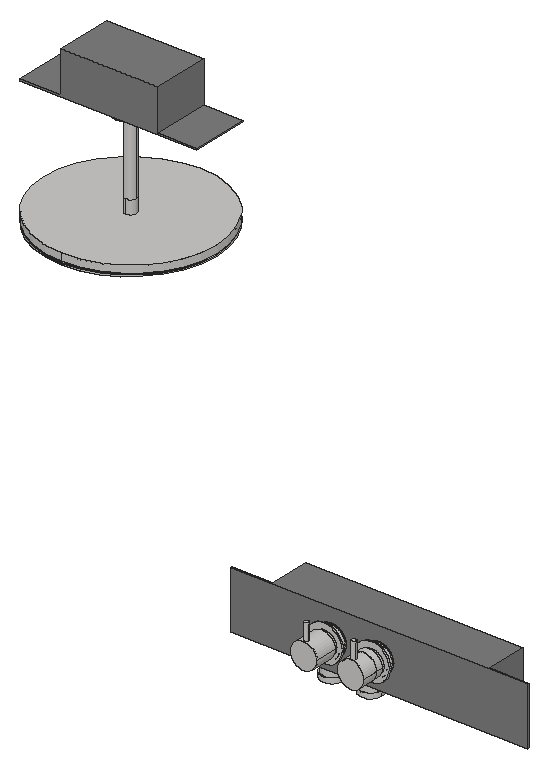
Revit family "5261A", category Plumbing Fixtures, Revit 2021
Family settings
  Round Connector Dimension = Use Diameter
  Part Type = Normal
  Work Plane-Based = No
  Always vertical = Yes
  Cut with Voids When Loaded = No
  Shared = No
  Room Calculation Point = No
Parameters
  e-mail = "info@vola.com"
  URL = "http://vola.com"
  Telephone = "+45 7023 5500"
  Shower Offset = 450.00 mm
  Shower Head Height = 2100.00 mm
  Quality management standard = "ISO 9001"
  Organisation no. / DUNS no. = "17531328"
  Occupational health and safety management standard = "ISO 18001"
  Mounting Instructions = "http://vola.com/service/producturl.ashx?name=5261A"
  Model = "5261A"
  Mixer Offset [instance] = 12.00 mm
  Mixer = yes
  Materials and components information = "http://vola.com/service/producturl.ashx?name=5261A"
  Manufacturer = "VOLA A/S"
  Maintenance Instructions = "http://vola.com/service/producturl.ashx?name=5261A"
  Handle Height = 1100.00 mm
  Guarantee = "2 years"
  Flow = "22,00 l/min"
  Environmental management standard = "ISO 14000"
  Default Elevation = 0.00 mm
  Connection - All relevant connections = "¾\" for water connection"
  Ceiling Mixer Offset = 12.00 mm
  Approvals = "http://vola.com/service/producturl.ashx?name=5261A"
Reference planes
  plane 1 "Center (Front/Back)": y = 0
  plane 2: z = 0
  plane 3 "Center (Left/Right)": x = 0
  plane 4 "Mixer plane": y = 12
  plane 5: z = 1100
  plane 6: z = 2100
  plane 7: y = -450
  plane 8 "Wall Surface": y = 0
Forms (mm)
  Extrusion 1, solid, material "Stainless Steel", visible <- "Mixer"
    sketch origin (14.11, 9.5, 1100) x (0, 0, -1) y (1, 0, 0)
      loop
        circle (0, 24.89) r 24.89
    from 0 to 9.5
  Extrusion 2, solid, material "Stainless Steel", visible <- "Mixer"
    sketch origin (-63.89, 9.5, 1100) x (0, 0, -1) y (1, 0, 0)
      loop
        circle (0, 24.89) r 24.89
    from 0 to 9.5
  Extrusion 3, solid, material "Stainless Steel", visible <- "Mixer"
    sketch origin (16.5, -450, 2111.5) x (-1, 0, 0) y (0, -1, 0)
      loop
        circle (16.5, 0) r 16.5
    from 0 to -11.5
Dimensions and locks
  "Mixer Offset": plane 4 "Mixer plane" to plane 1 "Center (Front/Back)"
  "Handle Height": plane 5 to level
  "Shower Head Height": plane 6 to level
  "Shower Offset": plane 1 "Center (Front/Back)" to plane 7
  aligned and locked: plane 2 to level
  aligned and locked: nested 4 to plane 4 "Mixer plane"
  aligned and locked: plane 1 "Center (Front/Back)" to Extrusion 1
  aligned and locked: plane 1 "Center (Front/Back)" to Extrusion 2
  aligned and locked: plane 5 to nested 4
  aligned and locked: nested 5 to plane 5
  aligned and locked: nested 3 to plane 5
  aligned and locked: plane 6 to nested 6
  aligned and locked: plane 7 to nested 6
  aligned and locked: plane 7 to nested 7
  aligned and locked: Extrusion 3 to plane 6
Automatic sketch dimensions
  radius of Extrusion 1 sketch curve to nested 4 = 0.00 mm
  radius of Extrusion 2 sketch curve to nested 4 = 0.00 mm
  radius of Extrusion 3 sketch curve to nested 7 = 0.00 mm
Nested families
  nested 1: "NR52" at (39, -2, 1100), built-in parameter 1001364 <- "Handle Height", type "NR52"
  nested 2: "NR51" at (-39, -2, 1100), built-in parameter 1001364 <- "Handle Height", type "NR51"
  nested 3: "2001" at (-39, 0, 1100) x (1, 0, 0) z (0, -1, 0), type "2001"
  nested 4: "5200V" at (0, 83.5, 1015), visible <- "Mixer", type "5200V"
  nested 5: "2001" at (39, 0, 1100) x (1, 0, 0) z (0, -1, 0), type "2001"
  nested 6: "060A" at (0, -450, 2100), type "060A"
  nested 7: "200M" at (0, -450, 2112), built-in parameter 1001364 <- "Ceiling Mixer Offset", visible <- "Mixer", type "200M"
Connectors
  piping at (-71, 54.5, 1015), diameter 37
    settings: on nested 4, index 1, connector inside diameter 1.45669", connector length 0.00 mm, flow factor 0, pipe flow 0 GPM, pressure drop 0.00 psi, fitting loss kfactor 0, connector angle 0.00°, fixture units 0, engagement length 0.00 mm, angle of deflection 0.00°, flow configuration 0, flow direction 1, fitting loss method 0, system type 19, joint type 0, gender type 0, connector reference index -1, connector utility 0, adjustable connector no, is connector primary yes, connector description ""
  piping at (-7, 54.5, 1015), diameter 37
    settings: on nested 4, index 2, connector inside diameter 1.45669", connector length 0.00 mm, flow factor 0, pipe flow 0 GPM, pressure drop 0.00 psi, fitting loss kfactor 0, connector angle 0.00°, fixture units 0, engagement length 0.00 mm, angle of deflection 0.00°, flow configuration 0, flow direction 1, fitting loss method 0, system type 20, joint type 0, gender type 0, connector reference index -1, connector utility 0, adjustable connector no, is connector primary no, connector description ""
Definition of nested family "NR52"
  Parameters
    e-mail = "info@vola.com"
    URL = "http://vola.com"
    Telephone = "+45 7023 5500"
    Quality management standard = "ISO 9001"
    Organisation no. / DUNS no. = "17531328"
    Occupational health and safety management standard = "ISO 18001"
    Mounting Instructions = "http://vola.com/service/producturl.ashx?name=NR52"
    Model = "NR52"
    Materials and components information = "http://vola.com/service/producturl.ashx?name=NR52"
    Manufacturer = "VOLA A/S"
    Maintenance Instructions = "http://vola.com/service/producturl.ashx?name=NR52"
    Guarantee = "2 years"
    Environmental management standard = "ISO 14000"
    Default Elevation = 0.00 mm
    Connection - All relevant connections = ""
    Approvals = "http://vola.com/service/producturl.ashx?name=NR52"
  Reference planes
    plane 1 "Center (Front/Back)": y = 0
    plane 2: z = 0
    plane 3 "Center (Left/Right)": x = 0
  Forms (mm)
    Extrusion 1, solid
      sketch origin (0, 0, 0) x (1, 0, 0) y (0, 0, 1)
        loop
          circle (0, 0) r 20
      from 0 to 5
    Extrusion 2, solid
      sketch origin (0, 0, 0) x (1, 0, 0) y (0, 0, 1)
        loop
          circle (0, 0) r 21.5
      from 17 to 42.5
    Extrusion 3, solid
      sketch origin (0, -2, 0) x (0, -1, 0) y (1, 0, 0)
        loop
          circle (34.5, 0) r 3.5
      from 0 to 47.5
    Extrusion 4, solid
      sketch origin (0, 10.75, -47.4) x (0, -1, 0) y (1, 0, 0)
        loop
          circle (34.5, 0) r 3.5
      from 22.5 to 47.4
    Extrusion 5, solid
      sketch origin (0, 11.93, 0) x (1, 0, 0) y (0, 0, 1)
        loop
          circle (0, 0) r 21.5
      from 16.93 to 28.93
  Cuts and joins
    joined: Extrusion 2, Extrusion 3, Extrusion 4
  Dimensions and locks
    aligned and locked: plane 2 to level
    aligned and locked: Extrusion 2 to Extrusion 5
    aligned and locked: Extrusion 1 to Extrusion 5
Definition of nested family "NR51"
  Parameters
    e-mail = "info@vola.com"
    URL = "http://vola.com"
    Telephone = "+45 7023 5500"
    Quality management standard = "ISO 9001"
    Organisation no. / DUNS no. = "17531328"
    Occupational health and safety management standard = "ISO 18001"
    Mounting Instructions = "http://vola.com/service/producturl.ashx?name=NR51"
    Model = "NR51"
    Materials and components information = "http://vola.com/service/producturl.ashx?name=NR51"
    Manufacturer = "VOLA A/S"
    Maintenance Instructions = "http://vola.com/service/producturl.ashx?name=NR51"
    Guarantee = "2 years"
    Environmental management standard = "ISO 14000"
    Default Elevation = 0.00 mm
    Connection - All relevant connections = ""
    Approvals = "http://vola.com/service/producturl.ashx?name=NR51"
  Reference planes
    plane 1 "Center (Front/Back)": y = 0
    plane 2: z = 0
    plane 3 "Center (Left/Right)": x = 0
  Forms (mm)
    Extrusion 1, solid
      sketch origin (0, 0, 0) x (1, 0, 0) y (0, 0, 1)
        loop
          circle (0, 0) r 21.5
      from 5 to 42.5
    Extrusion 2, solid
      sketch origin (0, -2, 0) x (0, -1, 0) y (1, 0, 0)
        loop
          circle (34.5, 0) r 3.5
      from 0 to 47.5
    Extrusion 3, solid
      sketch origin (0, 0, 0) x (1, 0, 0) y (0, 0, 1)
        loop
          circle (0, 0) r 20
      from 0 to 5
  Cuts and joins
    joined: Extrusion 1, Extrusion 2
  Dimensions and locks
    aligned and locked: plane 2 to level
Definition of nested family "2001"
  Parameters
    e-mail = "info@vola.com"
    URL = "http://vola.com"
    Telephone = "+45 7023 5500"
    Quality management standard = "ISO 9001"
    Organisation no. / DUNS no. = "17531328"
    Occupational health and safety management standard = "ISO 18001"
    Mounting Instructions = "http://vola.com/service/producturl.ashx?name=2001"
    Model = "2001"
    Materials and components information = "http://vola.com/service/producturl.ashx?name=2001"
    Manufacturer = "VOLA A/S"
    Maintenance Instructions = "http://vola.com/service/producturl.ashx?name=2001"
    Guarantee = "2 years"
    Environmental management standard = "ISO 14000"
    Default Elevation = 1219.20 mm
    Connection - All relevant connections = ""
    Approvals = "http://vola.com/service/producturl.ashx?name=2001"
  Reference planes
    plane 1 "Center (Front/Back)": y = 0
    plane 2: z = 0
    plane 3 "Center (Left/Right)": x = 0
  Forms (mm)
    Extrusion 1, solid
      sketch origin (0, 0, 0) x (1, 0, 0) y (0, 1, 0)
        loop
          circle (0, 0) r 19.5
        loop
          circle (0, 0) r 30
      from 0 to 2
  Dimensions and locks
    aligned and locked: plane 2 to level
Definition of nested family "5200V"
  Parameters
    e-mail = "info@vola.com"
    URL = "http://vola.com"
    Telephone = "+45 7023 5500"
    Quality management standard = "ISO 9001"
    Organisation no. / DUNS no. = "17531328"
    Occupational health and safety management standard = "ISO 18001"
    Mounting Instructions = "http://vola.com/service/producturl.ashx?name=5200V"
    Model = "5200V"
    Materials and components information = "http://vola.com/service/producturl.ashx?name=5200V"
    Manufacturer = "VOLA A/S"
    Maintenance Instructions = "http://vola.com/service/producturl.ashx?name=5200V"
    Guarantee = "2 years"
    Flow = "45,00 l/min"
    Environmental management standard = "ISO 14000"
    Default Elevation = 0.00 mm
    Connection - All relevant connections = ""
    Approvals = "http://vola.com/service/producturl.ashx?name=5200V"
  Reference planes
    plane 1 "Center (Front/Back)": y = 0
    plane 2: z = 0
    plane 3 "Center (Left/Right)": x = 0
    plane 4 "Inlet Center Plane": y = -29
    plane 5: z = 85
  Forms (mm)
    Extrusion 1, solid
      sketch origin (10, 0, 16) x (1, 0, 0) y (0, 1, 0)
        loop
          line (-147.5, 0) -> (-147.5, -69) -> (210.5, -69) -> (210.5, 0) -> (-147.5, 0)
      from 21.5 to 116.5
    Extrusion 2, solid
      sketch origin (10, -1, 16) x (1, 0, 0) y (0, 1, 0)
        loop
          line (-215, -68) -> (-215, -70.5) -> (275.5, -70.5) -> (275.5, -68) -> (-215, -68)
      from 21.5 to 116.5
    Extrusion 3, solid
      sketch origin (-59, -4, 37.5) x (0, 1, 0) y (1, 0, 0)
        loop
          circle (-25, -12) r 16.5
      from 0 to 29.77
    Extrusion 4, solid
      sketch origin (5, -4, 37.5) x (0, 1, 0) y (1, 0, 0)
        loop
          circle (-25, -12) r 16.5
      from 0 to 29.77
    Extrusion 5, solid
      sketch origin (-51.5, -71.5, 16) x (-1, 0, 0) y (0, 0, -1)
        loop
          circle (-12.5, -69) r 24.89
      from 0 to 2.5
    Extrusion 6, solid
      sketch origin (26.5, -71.5, 16) x (-1, 0, 0) y (0, 0, -1)
        loop
          circle (-12.5, -69) r 24.89
      from 0 to 2.5
    Extrusion 7, solid
      sketch origin (-59, -4, 7.73) x (-1, 0, 0) y (0, 1, 0)
        loop
          circle (12, -25) r 18.5
      from 0 to 7.73
    Extrusion 8, solid
      sketch origin (5, -4, 7.73) x (-1, 0, 0) y (0, 1, 0)
        loop
          circle (12, -25) r 18.5
      from 0 to 7.73
  Cuts and joins
    joined: Extrusion 1, Extrusion 2
  Lines and regions (mm)
    reference lines
      curve 1: line (39, -29, 85) -> (39, -121.5, 85)
      curve 2: line (-39, -29, 85) -> (-39, -121.5, 85)
      curve 3: line (-71, -29, 85) -> (-71, -29, -14)
      curve 4: line (-7, -29, 85) -> (-7, -29, -14)
  Dimensions and locks
    aligned and locked: plane 2 to level
    aligned and locked: Extrusion 1 to Extrusion 2
    aligned and locked: Extrusion 2 to Extrusion 1
Definition of nested family "060A"
  Parameters
    e-mail = "info@vola.com"
    URL = "http://vola.com"
    Telephone = "+45 7023 5500"
    Quality management standard = "ISO 9001"
    Organisation no. / DUNS no. = "17531328"
    Occupational health and safety management standard = "ISO 18001"
    Mounting Instructions = "http://vola.com/service/producturl.ashx?name=060A"
    Model = "060A"
    Materials and components information = "http://vola.com/service/producturl.ashx?name=060A"
    Manufacturer = "VOLA A/S"
    Maintenance Instructions = "http://vola.com/service/producturl.ashx?name=060A"
    Guarantee = "2 years"
    Flow = "22,00 l/min"
    Environmental management standard = "ISO 14000"
    Default Elevation = 0.00 mm
    Connection - All relevant connections = ""
    Approvals = "http://vola.com/service/producturl.ashx?name=060A"
  Reference planes
    plane 1 "Center (Front/Back)": y = 0
    plane 2: z = 0
    plane 3 "Center (Left/Right)": x = 0
  Forms (mm)
    Extrusion 1, solid
      sketch origin (0, 0, -9.5) x (0, 1, 0) y (1, 0, 0)
        loop
          circle (0, 0) r 9.5
      from 0 to 118.5
    Extrusion 2, solid
      sketch origin (-450, 0, -128) x (-1, 0, 0) y (0, 1, 0)
        loop
          circle (-450, 0) r 8.5
      from 0 to 0.2
    Extrusion 3, solid
      sketch origin (-450, 0, -128.2) x (0, -1, 0) y (-1, 0, 0)
        loop
          circle (0, -450) r 9.5
      from 0 to 21.8
    Extrusion 4, solid
      sketch origin (-450, 0, -150) x (1, 0, 0) y (0, -1, 0)
        loop
          circle (450, 0) r 143
      from 0 to 12
    Extrusion 5, solid
      sketch origin (-450, 0, -162) x (0, 1, 0) y (1, 0, 0)
        loop
          circle (0, 450) r 140
      from 0 to 3
    Extrusion 6, solid
      sketch origin (-450, 0, -165) x (-1, 0, 0) y (0, 1, 0)
        loop
          circle (-450, 0) r 143
      from 0 to 2
    Extrusion 7, solid
      sketch origin (0, 0, -2) x (1, 0, 0) y (0, 1, 0)
        loop
          circle (0, 0) r 18
      from 0 to -7.5
    Extrusion 8, solid
      sketch origin (0, 0, -2) x (1, 0, 0) y (0, 1, 0)
        loop
          circle (0, 0) r 30
      from 0 to 2
  Dimensions and locks
    aligned and locked: plane 2 to level
  Nested families
    nested 1: "Shower Detail Lines" at (0, 0, -167) x (0, 1, 0) z (0, 0, 1), type "Shower Detail Lines"
  Definition of nested family "Shower Detail Lines"
    Parameters
      Default Elevation = 1219.20 mm
    Reference planes
      plane 1 "Center (Front/Back)": y = 0
      plane 2: z = 0
      plane 3 "Center (Left/Right)": x = 0
    Lines and regions (mm)
      model lines
        curve 1: line (-2, -24, 0) -> (2, -24, 0)
        curve 2: line (-2, -130, 0) -> (-2, -24, 0)
        curve 3: line (2, -130, 0) -> (-2, -130, 0)
        curve 4: line (2, -24, 0) -> (2, -130, 0)
        curve 5: circle (0, -27.479, 0) r 1.5 normal (0, 0, 1)
        curve 6: circle (0, -27.479, 0) r 0.5 normal (0, 0, 1)
        curve 7: circle (0, -36.479, 0) r 1.5 normal (0, 0, 1)
        curve 8: circle (0, -36.479, 0) r 0.5 normal (0, 0, 1)
        curve 9: circle (0, -45.479, 0) r 1.5 normal (0, 0, 1)
        curve 10: circle (0, -45.479, 0) r 0.5 normal (0, 0, 1)
        curve 11: circle (0, -54.479, 0) r 1.5 normal (0, 0, 1)
        curve 12: circle (0, -54.479, 0) r 0.5 normal (0, 0, 1)
        curve 13: circle (0, -63.479, 0) r 1.5 normal (0, 0, 1)
        curve 14: circle (0, -63.479, 0) r 0.5 normal (0, 0, 1)
        curve 15: circle (0, -72.479, 0) r 1.5 normal (0, 0, 1)
        curve 16: circle (0, -72.479, 0) r 0.5 normal (0, 0, 1)
        curve 17: circle (0, -81.479, 0) r 1.5 normal (0, 0, 1)
        curve 18: circle (0, -81.479, 0) r 0.5 normal (0, 0, 1)
        curve 19: circle (0, -90.479, 0) r 1.5 normal (0, 0, 1)
        curve 20: circle (0, -90.479, 0) r 0.5 normal (0, 0, 1)
        curve 21: circle (0, -99.479, 0) r 1.5 normal (0, 0, 1)
        curve 22: circle (0, -99.479, 0) r 0.5 normal (0, 0, 1)
        curve 23: circle (0, -108.479, 0) r 1.5 normal (0, 0, 1)
        curve 24: circle (0, -108.479, 0) r 0.5 normal (0, 0, 1)
        curve 25: circle (0, -117.479, 0) r 1.5 normal (0, 0, 1)
        curve 26: circle (0, -117.479, 0) r 0.5 normal (0, 0, 1)
        curve 27: circle (0, -126.479, 0) r 1.5 normal (0, 0, 1)
        curve 28: circle (0, -126.479, 0) r 0.5 normal (0, 0, 1)
        curve 29: line (6.329, -23.237, 0) -> (10.088, -21.869, 0)
        curve 30: line (42.583, -122.844, 0) -> (6.329, -23.237, 0)
        curve 31: line (46.342, -121.476, 0) -> (42.583, -122.844, 0)
        curve 32: line (10.088, -21.869, 0) -> (46.342, -121.476, 0)
        curve 33: circle (9.398, -25.822, 0) r 1.5 normal (0, 0, 1)
        curve 34: circle (9.398, -25.822, 0) r 0.5 normal (0, 0, 1)
        curve 35: circle (12.477, -34.279, 0) r 1.5 normal (0, 0, 1)
        curve 36: circle (12.477, -34.279, 0) r 0.5 normal (0, 0, 1)
        curve 37: circle (15.555, -42.736, 0) r 1.5 normal (0, 0, 1)
        curve 38: circle (15.555, -42.736, 0) r 0.5 normal (0, 0, 1)
        curve 39: circle (18.633, -51.193, 0) r 1.5 normal (0, 0, 1)
        curve 40: circle (18.633, -51.193, 0) r 0.5 normal (0, 0, 1)
        curve 41: circle (21.711, -59.651, 0) r 1.5 normal (0, 0, 1)
        curve 42: circle (21.711, -59.651, 0) r 0.5 normal (0, 0, 1)
        curve 43: circle (24.789, -68.108, 0) r 1.5 normal (0, 0, 1)
        curve 44: circle (24.789, -68.108, 0) r 0.5 normal (0, 0, 1)
        curve 45: circle (27.867, -76.565, 0) r 1.5 normal (0, 0, 1)
        curve 46: circle (27.867, -76.565, 0) r 0.5 normal (0, 0, 1)
        curve 47: circle (30.946, -85.022, 0) r 1.5 normal (0, 0, 1)
        curve 48: circle (30.946, -85.022, 0) r 0.5 normal (0, 0, 1)
        curve 49: circle (34.024, -93.48, 0) r 1.5 normal (0, 0, 1)
        curve 50: circle (34.024, -93.48, 0) r 0.5 normal (0, 0, 1)
        curve 51: circle (37.102, -101.937, 0) r 1.5 normal (0, 0, 1)
        curve 52: circle (37.102, -101.937, 0) r 0.5 normal (0, 0, 1)
        curve 53: circle (40.18, -110.394, 0) r 1.5 normal (0, 0, 1)
        curve 54: circle (40.18, -110.394, 0) r 0.5 normal (0, 0, 1)
        curve 55: circle (43.258, -118.851, 0) r 1.5 normal (0, 0, 1)
        curve 56: circle (43.258, -118.851, 0) r 0.5 normal (0, 0, 1)
        curve 57: line (13.895, -19.671, 0) -> (16.959, -17.099, 0)
        curve 58: line (82.03, -100.871, 0) -> (13.895, -19.671, 0)
        curve 59: line (85.094, -98.3, 0) -> (82.03, -100.871, 0)
        curve 60: line (16.959, -17.099, 0) -> (85.094, -98.3, 0)
        curve 61: circle (17.663, -21.05, 0) r 1.5 normal (0, 0, 1)
        curve 62: circle (17.663, -21.05, 0) r 0.5 normal (0, 0, 1)
        curve 63: circle (23.448, -27.944, 0) r 1.5 normal (0, 0, 1)
        curve 64: circle (23.448, -27.944, 0) r 0.5 normal (0, 0, 1)
        curve 65: circle (29.233, -34.839, 0) r 1.5 normal (0, 0, 1)
        curve 66: circle (29.233, -34.839, 0) r 0.5 normal (0, 0, 1)
        curve 67: circle (35.018, -41.733, 0) r 1.5 normal (0, 0, 1)
        curve 68: circle (35.018, -41.733, 0) r 0.5 normal (0, 0, 1)
        curve 69: circle (40.803, -48.628, 0) r 1.5 normal (0, 0, 1)
        curve 70: circle (40.803, -48.628, 0) r 0.5 normal (0, 0, 1)
        curve 71: circle (46.589, -55.522, 0) r 1.5 normal (0, 0, 1)
        curve 72: circle (46.589, -55.522, 0) r 0.5 normal (0, 0, 1)
        curve 73: circle (52.374, -62.416, 0) r 1.5 normal (0, 0, 1)
        curve 74: circle (52.374, -62.416, 0) r 0.5 normal (0, 0, 1)
        curve 75: circle (58.159, -69.311, 0) r 1.5 normal (0, 0, 1)
        curve 76: circle (58.159, -69.311, 0) r 0.5 normal (0, 0, 1)
        curve 77: circle (63.944, -76.205, 0) r 1.5 normal (0, 0, 1)
        curve 78: circle (63.944, -76.205, 0) r 0.5 normal (0, 0, 1)
        curve 79: circle (69.729, -83.1, 0) r 1.5 normal (0, 0, 1)
        curve 80: circle (69.729, -83.1, 0) r 0.5 normal (0, 0, 1)
        curve 81: circle (75.514, -89.994, 0) r 1.5 normal (0, 0, 1)
        curve 82: circle (75.514, -89.994, 0) r 0.5 normal (0, 0, 1)
        curve 83: circle (81.299, -96.888, 0) r 1.5 normal (0, 0, 1)
        curve 84: circle (81.299, -96.888, 0) r 0.5 normal (0, 0, 1)
        curve 85: line (19.785, -13.732, 0) -> (21.785, -10.268, 0)
        curve 86: line (111.583, -66.732, 0) -> (19.785, -13.732, 0)
        curve 87: line (113.583, -63.268, 0) -> (111.583, -66.732, 0)
        curve 88: line (21.785, -10.268, 0) -> (113.583, -63.268, 0)
        curve 89: circle (23.797, -13.739, 0) r 1.5 normal (0, 0, 1)
        curve 90: circle (23.797, -13.739, 0) r 0.5 normal (0, 0, 1)
        curve 91: circle (31.592, -18.239, 0) r 1.5 normal (0, 0, 1)
        curve 92: circle (31.592, -18.239, 0) r 0.5 normal (0, 0, 1)
        curve 93: circle (39.386, -22.739, 0) r 1.5 normal (0, 0, 1)
        curve 94: circle (39.386, -22.739, 0) r 0.5 normal (0, 0, 1)
        curve 95: circle (47.18, -27.239, 0) r 1.5 normal (0, 0, 1)
        curve 96: circle (47.18, -27.239, 0) r 0.5 normal (0, 0, 1)
        curve 97: circle (54.974, -31.739, 0) r 1.5 normal (0, 0, 1)
        curve 98: circle (54.974, -31.739, 0) r 0.5 normal (0, 0, 1)
        curve 99: circle (62.769, -36.239, 0) r 1.5 normal (0, 0, 1)
        curve 100: circle (62.769, -36.239, 0) r 0.5 normal (0, 0, 1)
        curve 101: circle (70.563, -40.739, 0) r 1.5 normal (0, 0, 1)
        curve 102: circle (70.563, -40.739, 0) r 0.5 normal (0, 0, 1)
        curve 103: circle (78.357, -45.239, 0) r 1.5 normal (0, 0, 1)
        curve 104: circle (78.357, -45.239, 0) r 0.5 normal (0, 0, 1)
        curve 105: circle (86.151, -49.739, 0) r 1.5 normal (0, 0, 1)
        curve 106: circle (86.151, -49.739, 0) r 0.5 normal (0, 0, 1)
        curve 107: circle (93.945, -54.239, 0) r 1.5 normal (0, 0, 1)
        curve 108: circle (93.945, -54.239, 0) r 0.5 normal (0, 0, 1)
        curve 109: circle (101.74, -58.739, 0) r 1.5 normal (0, 0, 1)
        curve 110: circle (101.74, -58.739, 0) r 0.5 normal (0, 0, 1)
        curve 111: circle (109.534, -63.239, 0) r 1.5 normal (0, 0, 1)
        curve 112: circle (109.534, -63.239, 0) r 0.5 normal (0, 0, 1)
        curve 113: line (23.288, -6.137, 0) -> (23.983, -2.198, 0)
        curve 114: line (127.678, -24.544, 0) -> (23.288, -6.137, 0)
        curve 115: line (128.372, -20.605, 0) -> (127.678, -24.544, 0)
        curve 116: line (23.983, -2.198, 0) -> (128.372, -20.605, 0)
        curve 117: circle (27.061, -4.772, 0) r 1.5 normal (0, 0, 1)
        curve 118: circle (27.061, -4.772, 0) r 0.5 normal (0, 0, 1)
        curve 119: circle (35.925, -6.334, 0) r 1.5 normal (0, 0, 1)
        curve 120: circle (35.925, -6.334, 0) r 0.5 normal (0, 0, 1)
        curve 121: circle (44.788, -7.897, 0) r 1.5 normal (0, 0, 1)
        curve 122: circle (44.788, -7.897, 0) r 0.5 normal (0, 0, 1)
        curve 123: circle (53.651, -9.46, 0) r 1.5 normal (0, 0, 1)
        curve 124: circle (53.651, -9.46, 0) r 0.5 normal (0, 0, 1)
        curve 125: circle (62.514, -11.023, 0) r 1.5 normal (0, 0, 1)
        curve 126: circle (62.514, -11.023, 0) r 0.5 normal (0, 0, 1)
        curve 127: circle (71.378, -12.586, 0) r 1.5 normal (0, 0, 1)
        curve 128: circle (71.378, -12.586, 0) r 0.5 normal (0, 0, 1)
        curve 129: circle (80.241, -14.149, 0) r 1.5 normal (0, 0, 1)
        curve 130: circle (80.241, -14.149, 0) r 0.5 normal (0, 0, 1)
        curve 131: circle (89.104, -15.711, 0) r 1.5 normal (0, 0, 1)
        curve 132: circle (89.104, -15.711, 0) r 0.5 normal (0, 0, 1)
        curve 133: circle (97.968, -17.274, 0) r 1.5 normal (0, 0, 1)
        curve 134: circle (97.968, -17.274, 0) r 0.5 normal (0, 0, 1)
        curve 135: circle (106.831, -18.837, 0) r 1.5 normal (0, 0, 1)
        curve 136: circle (106.831, -18.837, 0) r 0.5 normal (0, 0, 1)
        curve 137: circle (115.694, -20.4, 0) r 1.5 normal (0, 0, 1)
        curve 138: circle (115.694, -20.4, 0) r 0.5 normal (0, 0, 1)
        curve 139: circle (124.557, -21.963, 0) r 1.5 normal (0, 0, 1)
        curve 140: circle (124.557, -21.963, 0) r 0.5 normal (0, 0, 1)
        curve 141: line (23.983, 2.198, 0) -> (23.288, 6.137, 0)
        curve 142: line (128.372, 20.605, 0) -> (23.983, 2.198, 0)
        curve 143: line (127.678, 24.544, 0) -> (128.372, 20.605, 0)
        curve 144: line (23.288, 6.137, 0) -> (127.678, 24.544, 0)
        curve 145: circle (27.061, 4.772, 0) r 1.5 normal (0, 0, 1)
        curve 146: circle (27.061, 4.772, 0) r 0.5 normal (0, 0, 1)
        curve 147: circle (35.925, 6.334, 0) r 1.5 normal (0, 0, 1)
        curve 148: circle (35.925, 6.334, 0) r 0.5 normal (0, 0, 1)
        curve 149: circle (44.788, 7.897, 0) r 1.5 normal (0, 0, 1)
        curve 150: circle (44.788, 7.897, 0) r 0.5 normal (0, 0, 1)
        curve 151: circle (53.651, 9.46, 0) r 1.5 normal (0, 0, 1)
        curve 152: circle (53.651, 9.46, 0) r 0.5 normal (0, 0, 1)
        curve 153: circle (62.514, 11.023, 0) r 1.5 normal (0, 0, 1)
        curve 154: circle (62.514, 11.023, 0) r 0.5 normal (0, 0, 1)
        curve 155: circle (71.378, 12.586, 0) r 1.5 normal (0, 0, 1)
        curve 156: circle (71.378, 12.586, 0) r 0.5 normal (0, 0, 1)
        curve 157: circle (80.241, 14.149, 0) r 1.5 normal (0, 0, 1)
        curve 158: circle (80.241, 14.149, 0) r 0.5 normal (0, 0, 1)
        curve 159: circle (89.104, 15.711, 0) r 1.5 normal (0, 0, 1)
        curve 160: circle (89.104, 15.711, 0) r 0.5 normal (0, 0, 1)
        curve 161: circle (97.968, 17.274, 0) r 1.5 normal (0, 0, 1)
        curve 162: circle (97.968, 17.274, 0) r 0.5 normal (0, 0, 1)
        curve 163: circle (106.831, 18.837, 0) r 1.5 normal (0, 0, 1)
        curve 164: circle (106.831, 18.837, 0) r 0.5 normal (0, 0, 1)
        curve 165: circle (115.694, 20.4, 0) r 1.5 normal (0, 0, 1)
        curve 166: circle (115.694, 20.4, 0) r 0.5 normal (0, 0, 1)
        curve 167: circle (124.557, 21.963, 0) r 1.5 normal (0, 0, 1)
        curve 168: circle (124.557, 21.963, 0) r 0.5 normal (0, 0, 1)
        curve 169: line (21.785, 10.268, 0) -> (19.785, 13.732, 0)
        curve 170: line (113.583, 63.268, 0) -> (21.785, 10.268, 0)
        curve 171: line (111.583, 66.732, 0) -> (113.583, 63.268, 0)
        curve 172: line (19.785, 13.732, 0) -> (111.583, 66.732, 0)
        curve 173: circle (23.797, 13.739, 0) r 1.5 normal (0, 0, 1)
        curve 174: circle (23.797, 13.739, 0) r 0.5 normal (0, 0, 1)
        curve 175: circle (31.592, 18.239, 0) r 1.5 normal (0, 0, 1)
        curve 176: circle (31.592, 18.239, 0) r 0.5 normal (0, 0, 1)
        curve 177: circle (39.386, 22.739, 0) r 1.5 normal (0, 0, 1)
        curve 178: circle (39.386, 22.739, 0) r 0.5 normal (0, 0, 1)
        curve 179: circle (47.18, 27.239, 0) r 1.5 normal (0, 0, 1)
        curve 180: circle (47.18, 27.239, 0) r 0.5 normal (0, 0, 1)
        curve 181: circle (54.974, 31.739, 0) r 1.5 normal (0, 0, 1)
        curve 182: circle (54.974, 31.739, 0) r 0.5 normal (0, 0, 1)
        curve 183: circle (62.769, 36.239, 0) r 1.5 normal (0, 0, 1)
        curve 184: circle (62.769, 36.239, 0) r 0.5 normal (0, 0, 1)
        curve 185: circle (70.563, 40.739, 0) r 1.5 normal (0, 0, 1)
        curve 186: circle (70.563, 40.739, 0) r 0.5 normal (0, 0, 1)
        curve 187: circle (78.357, 45.239, 0) r 1.5 normal (0, 0, 1)
        curve 188: circle (78.357, 45.239, 0) r 0.5 normal (0, 0, 1)
        curve 189: circle (86.151, 49.739, 0) r 1.5 normal (0, 0, 1)
        curve 190: circle (86.151, 49.739, 0) r 0.5 normal (0, 0, 1)
        curve 191: circle (93.945, 54.239, 0) r 1.5 normal (0, 0, 1)
        curve 192: circle (93.945, 54.239, 0) r 0.5 normal (0, 0, 1)
        curve 193: circle (101.74, 58.739, 0) r 1.5 normal (0, 0, 1)
        curve 194: circle (101.74, 58.739, 0) r 0.5 normal (0, 0, 1)
        curve 195: circle (109.534, 63.239, 0) r 1.5 normal (0, 0, 1)
        curve 196: circle (109.534, 63.239, 0) r 0.5 normal (0, 0, 1)
        curve 197: line (16.959, 17.099, 0) -> (13.895, 19.671, 0)
        curve 198: line (85.094, 98.3, 0) -> (16.959, 17.099, 0)
        curve 199: line (82.03, 100.871, 0) -> (85.094, 98.3, 0)
        curve 200: line (13.895, 19.671, 0) -> (82.03, 100.871, 0)
        curve 201: circle (17.663, 21.05, 0) r 1.5 normal (0, 0, 1)
        curve 202: circle (17.663, 21.05, 0) r 0.5 normal (0, 0, 1)
        curve 203: circle (23.448, 27.944, 0) r 1.5 normal (0, 0, 1)
        curve 204: circle (23.448, 27.944, 0) r 0.5 normal (0, 0, 1)
        curve 205: circle (29.233, 34.839, 0) r 1.5 normal (0, 0, 1)
        curve 206: circle (29.233, 34.839, 0) r 0.5 normal (0, 0, 1)
        curve 207: circle (35.018, 41.733, 0) r 1.5 normal (0, 0, 1)
        curve 208: circle (35.018, 41.733, 0) r 0.5 normal (0, 0, 1)
        curve 209: circle (40.803, 48.628, 0) r 1.5 normal (0, 0, 1)
        curve 210: circle (40.803, 48.628, 0) r 0.5 normal (0, 0, 1)
        curve 211: circle (46.589, 55.522, 0) r 1.5 normal (0, 0, 1)
        curve 212: circle (46.589, 55.522, 0) r 0.5 normal (0, 0, 1)
        curve 213: circle (52.374, 62.416, 0) r 1.5 normal (0, 0, 1)
        curve 214: circle (52.374, 62.416, 0) r 0.5 normal (0, 0, 1)
        curve 215: circle (58.159, 69.311, 0) r 1.5 normal (0, 0, 1)
        curve 216: circle (58.159, 69.311, 0) r 0.5 normal (0, 0, 1)
        curve 217: circle (63.944, 76.205, 0) r 1.5 normal (0, 0, 1)
        curve 218: circle (63.944, 76.205, 0) r 0.5 normal (0, 0, 1)
        curve 219: circle (69.729, 83.1, 0) r 1.5 normal (0, 0, 1)
        curve 220: circle (69.729, 83.1, 0) r 0.5 normal (0, 0, 1)
        curve 221: circle (75.514, 89.994, 0) r 1.5 normal (0, 0, 1)
        curve 222: circle (75.514, 89.994, 0) r 0.5 normal (0, 0, 1)
        curve 223: circle (81.299, 96.888, 0) r 1.5 normal (0, 0, 1)
        curve 224: circle (81.299, 96.888, 0) r 0.5 normal (0, 0, 1)
        curve 225: line (10.088, 21.869, 0) -> (6.329, 23.237, 0)
        curve 226: line (46.342, 121.476, 0) -> (10.088, 21.869, 0)
        curve 227: line (42.583, 122.844, 0) -> (46.342, 121.476, 0)
        curve 228: line (6.329, 23.237, 0) -> (42.583, 122.844, 0)
        curve 229: circle (9.398, 25.822, 0) r 1.5 normal (0, 0, 1)
        curve 230: circle (9.398, 25.822, 0) r 0.5 normal (0, 0, 1)
        curve 231: circle (12.477, 34.279, 0) r 1.5 normal (0, 0, 1)
        curve 232: circle (12.477, 34.279, 0) r 0.5 normal (0, 0, 1)
        curve 233: circle (15.555, 42.736, 0) r 1.5 normal (0, 0, 1)
        curve 234: circle (15.555, 42.736, 0) r 0.5 normal (0, 0, 1)
        curve 235: circle (18.633, 51.193, 0) r 1.5 normal (0, 0, 1)
        curve 236: circle (18.633, 51.193, 0) r 0.5 normal (0, 0, 1)
        curve 237: circle (21.711, 59.651, 0) r 1.5 normal (0, 0, 1)
        curve 238: circle (21.711, 59.651, 0) r 0.5 normal (0, 0, 1)
        curve 239: circle (24.789, 68.108, 0) r 1.5 normal (0, 0, 1)
        curve 240: circle (24.789, 68.108, 0) r 0.5 normal (0, 0, 1)
        curve 241: circle (27.867, 76.565, 0) r 1.5 normal (0, 0, 1)
        curve 242: circle (27.867, 76.565, 0) r 0.5 normal (0, 0, 1)
        curve 243: circle (30.946, 85.022, 0) r 1.5 normal (0, 0, 1)
        curve 244: circle (30.946, 85.022, 0) r 0.5 normal (0, 0, 1)
        curve 245: circle (34.024, 93.48, 0) r 1.5 normal (0, 0, 1)
        curve 246: circle (34.024, 93.48, 0) r 0.5 normal (0, 0, 1)
        curve 247: circle (37.102, 101.937, 0) r 1.5 normal (0, 0, 1)
        curve 248: circle (37.102, 101.937, 0) r 0.5 normal (0, 0, 1)
        curve 249: circle (40.18, 110.394, 0) r 1.5 normal (0, 0, 1)
        curve 250: circle (40.18, 110.394, 0) r 0.5 normal (0, 0, 1)
        curve 251: circle (43.258, 118.851, 0) r 1.5 normal (0, 0, 1)
        curve 252: circle (43.258, 118.851, 0) r 0.5 normal (0, 0, 1)
        curve 253: line (2, 24, 0) -> (-2, 24, 0)
        curve 254: line (2, 130, 0) -> (2, 24, 0)
        curve 255: line (-2, 130, 0) -> (2, 130, 0)
        curve 256: line (-2, 24, 0) -> (-2, 130, 0)
        curve 257: circle (0, 27.479, 0) r 1.5 normal (0, 0, 1)
        curve 258: circle (0, 27.479, 0) r 0.5 normal (0, 0, 1)
        curve 259: circle (0, 36.479, 0) r 1.5 normal (0, 0, 1)
        curve 260: circle (0, 36.479, 0) r 0.5 normal (0, 0, 1)
        curve 261: circle (0, 45.479, 0) r 1.5 normal (0, 0, 1)
        curve 262: circle (0, 45.479, 0) r 0.5 normal (0, 0, 1)
        curve 263: circle (0, 54.479, 0) r 1.5 normal (0, 0, 1)
        curve 264: circle (0, 54.479, 0) r 0.5 normal (0, 0, 1)
        curve 265: circle (0, 63.479, 0) r 1.5 normal (0, 0, 1)
        curve 266: circle (0, 63.479, 0) r 0.5 normal (0, 0, 1)
        curve 267: circle (0, 72.479, 0) r 1.5 normal (0, 0, 1)
        curve 268: circle (0, 72.479, 0) r 0.5 normal (0, 0, 1)
        curve 269: circle (0, 81.479, 0) r 1.5 normal (0, 0, 1)
        curve 270: circle (0, 81.479, 0) r 0.5 normal (0, 0, 1)
        curve 271: circle (0, 90.479, 0) r 1.5 normal (0, 0, 1)
        curve 272: circle (0, 90.479, 0) r 0.5 normal (0, 0, 1)
        curve 273: circle (0, 99.479, 0) r 1.5 normal (0, 0, 1)
        curve 274: circle (0, 99.479, 0) r 0.5 normal (0, 0, 1)
        curve 275: circle (0, 108.479, 0) r 1.5 normal (0, 0, 1)
        curve 276: circle (0, 108.479, 0) r 0.5 normal (0, 0, 1)
        curve 277: circle (0, 117.479, 0) r 1.5 normal (0, 0, 1)
        curve 278: circle (0, 117.479, 0) r 0.5 normal (0, 0, 1)
        curve 279: circle (0, 126.479, 0) r 1.5 normal (0, 0, 1)
        curve 280: circle (0, 126.479, 0) r 0.5 normal (0, 0, 1)
        curve 281: line (-6.329, 23.237, 0) -> (-10.088, 21.869, 0)
        curve 282: line (-42.583, 122.844, 0) -> (-6.329, 23.237, 0)
        curve 283: line (-46.342, 121.476, 0) -> (-42.583, 122.844, 0)
        curve 284: line (-10.088, 21.869, 0) -> (-46.342, 121.476, 0)
        curve 285: circle (-9.398, 25.822, 0) r 1.5 normal (0, 0, 1)
        curve 286: circle (-9.398, 25.822, 0) r 0.5 normal (0, 0, 1)
        curve 287: circle (-12.477, 34.279, 0) r 1.5 normal (0, 0, 1)
        curve 288: circle (-12.477, 34.279, 0) r 0.5 normal (0, 0, 1)
        curve 289: circle (-15.555, 42.736, 0) r 1.5 normal (0, 0, 1)
        curve 290: circle (-15.555, 42.736, 0) r 0.5 normal (0, 0, 1)
        curve 291: circle (-18.633, 51.193, 0) r 1.5 normal (0, 0, 1)
        curve 292: circle (-18.633, 51.193, 0) r 0.5 normal (0, 0, 1)
        curve 293: circle (-21.711, 59.651, 0) r 1.5 normal (0, 0, 1)
        curve 294: circle (-21.711, 59.651, 0) r 0.5 normal (0, 0, 1)
        curve 295: circle (-24.789, 68.108, 0) r 1.5 normal (0, 0, 1)
        curve 296: circle (-24.789, 68.108, 0) r 0.5 normal (0, 0, 1)
        curve 297: circle (-27.867, 76.565, 0) r 1.5 normal (0, 0, 1)
        curve 298: circle (-27.867, 76.565, 0) r 0.5 normal (0, 0, 1)
        curve 299: circle (-30.946, 85.022, 0) r 1.5 normal (0, 0, 1)
        curve 300: circle (-30.946, 85.022, 0) r 0.5 normal (0, 0, 1)
        curve 301: circle (-34.024, 93.48, 0) r 1.5 normal (0, 0, 1)
        curve 302: circle (-34.024, 93.48, 0) r 0.5 normal (0, 0, 1)
        curve 303: circle (-37.102, 101.937, 0) r 1.5 normal (0, 0, 1)
        curve 304: circle (-37.102, 101.937, 0) r 0.5 normal (0, 0, 1)
        curve 305: circle (-40.18, 110.394, 0) r 1.5 normal (0, 0, 1)
        curve 306: circle (-40.18, 110.394, 0) r 0.5 normal (0, 0, 1)
        curve 307: circle (-43.258, 118.851, 0) r 1.5 normal (0, 0, 1)
        curve 308: circle (-43.258, 118.851, 0) r 0.5 normal (0, 0, 1)
        curve 309: line (-13.895, 19.671, 0) -> (-16.959, 17.099, 0)
        curve 310: line (-82.03, 100.871, 0) -> (-13.895, 19.671, 0)
        curve 311: line (-85.094, 98.3, 0) -> (-82.03, 100.871, 0)
        curve 312: line (-16.959, 17.099, 0) -> (-85.094, 98.3, 0)
        curve 313: circle (-17.663, 21.05, 0) r 1.5 normal (0, 0, 1)
        curve 314: circle (-17.663, 21.05, 0) r 0.5 normal (0, 0, 1)
        curve 315: circle (-23.448, 27.944, 0) r 1.5 normal (0, 0, 1)
        curve 316: circle (-23.448, 27.944, 0) r 0.5 normal (0, 0, 1)
        curve 317: circle (-29.233, 34.839, 0) r 1.5 normal (0, 0, 1)
        curve 318: circle (-29.233, 34.839, 0) r 0.5 normal (0, 0, 1)
        curve 319: circle (-35.018, 41.733, 0) r 1.5 normal (0, 0, 1)
        curve 320: circle (-35.018, 41.733, 0) r 0.5 normal (0, 0, 1)
        curve 321: circle (-40.803, 48.628, 0) r 1.5 normal (0, 0, 1)
        curve 322: circle (-40.803, 48.628, 0) r 0.5 normal (0, 0, 1)
        curve 323: circle (-46.589, 55.522, 0) r 1.5 normal (0, 0, 1)
        curve 324: circle (-46.589, 55.522, 0) r 0.5 normal (0, 0, 1)
        curve 325: circle (-52.374, 62.416, 0) r 1.5 normal (0, 0, 1)
        curve 326: circle (-52.374, 62.416, 0) r 0.5 normal (0, 0, 1)
        curve 327: circle (-58.159, 69.311, 0) r 1.5 normal (0, 0, 1)
        curve 328: circle (-58.159, 69.311, 0) r 0.5 normal (0, 0, 1)
        curve 329: circle (-63.944, 76.205, 0) r 1.5 normal (0, 0, 1)
        curve 330: circle (-63.944, 76.205, 0) r 0.5 normal (0, 0, 1)
        curve 331: circle (-69.729, 83.1, 0) r 1.5 normal (0, 0, 1)
        curve 332: circle (-69.729, 83.1, 0) r 0.5 normal (0, 0, 1)
        curve 333: circle (-75.514, 89.994, 0) r 1.5 normal (0, 0, 1)
        curve 334: circle (-75.514, 89.994, 0) r 0.5 normal (0, 0, 1)
        curve 335: circle (-81.299, 96.888, 0) r 1.5 normal (0, 0, 1)
        curve 336: circle (-81.299, 96.888, 0) r 0.5 normal (0, 0, 1)
        curve 337: line (-19.785, 13.732, 0) -> (-21.785, 10.268, 0)
        curve 338: line (-111.583, 66.732, 0) -> (-19.785, 13.732, 0)
        curve 339: line (-113.583, 63.268, 0) -> (-111.583, 66.732, 0)
        curve 340: line (-21.785, 10.268, 0) -> (-113.583, 63.268, 0)
        curve 341: circle (-23.797, 13.739, 0) r 1.5 normal (0, 0, 1)
        curve 342: circle (-23.797, 13.739, 0) r 0.5 normal (0, 0, 1)
        curve 343: circle (-31.592, 18.239, 0) r 1.5 normal (0, 0, 1)
        curve 344: circle (-31.592, 18.239, 0) r 0.5 normal (0, 0, 1)
        curve 345: circle (-39.386, 22.739, 0) r 1.5 normal (0, 0, 1)
        curve 346: circle (-39.386, 22.739, 0) r 0.5 normal (0, 0, 1)
        curve 347: circle (-47.18, 27.239, 0) r 1.5 normal (0, 0, 1)
        curve 348: circle (-47.18, 27.239, 0) r 0.5 normal (0, 0, 1)
        curve 349: circle (-54.974, 31.739, 0) r 1.5 normal (0, 0, 1)
        curve 350: circle (-54.974, 31.739, 0) r 0.5 normal (0, 0, 1)
        curve 351: circle (-62.769, 36.239, 0) r 1.5 normal (0, 0, 1)
        curve 352: circle (-62.769, 36.239, 0) r 0.5 normal (0, 0, 1)
        curve 353: circle (-70.563, 40.739, 0) r 1.5 normal (0, 0, 1)
        curve 354: circle (-70.563, 40.739, 0) r 0.5 normal (0, 0, 1)
        curve 355: circle (-78.357, 45.239, 0) r 1.5 normal (0, 0, 1)
        curve 356: circle (-78.357, 45.239, 0) r 0.5 normal (0, 0, 1)
        curve 357: circle (-86.151, 49.739, 0) r 1.5 normal (0, 0, 1)
        curve 358: circle (-86.151, 49.739, 0) r 0.5 normal (0, 0, 1)
        curve 359: circle (-93.945, 54.239, 0) r 1.5 normal (0, 0, 1)
        curve 360: circle (-93.945, 54.239, 0) r 0.5 normal (0, 0, 1)
        curve 361: circle (-101.74, 58.739, 0) r 1.5 normal (0, 0, 1)
        curve 362: circle (-101.74, 58.739, 0) r 0.5 normal (0, 0, 1)
        curve 363: circle (-109.534, 63.239, 0) r 1.5 normal (0, 0, 1)
        curve 364: circle (-109.534, 63.239, 0) r 0.5 normal (0, 0, 1)
        curve 365: line (-23.288, 6.137, 0) -> (-23.983, 2.198, 0)
        curve 366: line (-127.678, 24.544, 0) -> (-23.288, 6.137, 0)
        curve 367: line (-128.372, 20.605, 0) -> (-127.678, 24.544, 0)
        curve 368: line (-23.983, 2.198, 0) -> (-128.372, 20.605, 0)
        curve 369: circle (-27.061, 4.772, 0) r 1.5 normal (0, 0, 1)
        curve 370: circle (-27.061, 4.772, 0) r 0.5 normal (0, 0, 1)
        curve 371: circle (-35.925, 6.334, 0) r 1.5 normal (0, 0, 1)
        curve 372: circle (-35.925, 6.334, 0) r 0.5 normal (0, 0, 1)
        curve 373: circle (-44.788, 7.897, 0) r 1.5 normal (0, 0, 1)
        curve 374: circle (-44.788, 7.897, 0) r 0.5 normal (0, 0, 1)
        curve 375: circle (-53.651, 9.46, 0) r 1.5 normal (0, 0, 1)
        curve 376: circle (-53.651, 9.46, 0) r 0.5 normal (0, 0, 1)
        curve 377: circle (-62.514, 11.023, 0) r 1.5 normal (0, 0, 1)
        curve 378: circle (-62.514, 11.023, 0) r 0.5 normal (0, 0, 1)
        curve 379: circle (-71.378, 12.586, 0) r 1.5 normal (0, 0, 1)
        curve 380: circle (-71.378, 12.586, 0) r 0.5 normal (0, 0, 1)
        curve 381: circle (-80.241, 14.149, 0) r 1.5 normal (0, 0, 1)
        curve 382: circle (-80.241, 14.149, 0) r 0.5 normal (0, 0, 1)
        curve 383: circle (-89.104, 15.711, 0) r 1.5 normal (0, 0, 1)
        curve 384: circle (-89.104, 15.711, 0) r 0.5 normal (0, 0, 1)
        curve 385: circle (-97.968, 17.274, 0) r 1.5 normal (0, 0, 1)
        curve 386: circle (-97.968, 17.274, 0) r 0.5 normal (0, 0, 1)
        curve 387: circle (-106.831, 18.837, 0) r 1.5 normal (0, 0, 1)
        curve 388: circle (-106.831, 18.837, 0) r 0.5 normal (0, 0, 1)
        curve 389: circle (-115.694, 20.4, 0) r 1.5 normal (0, 0, 1)
        curve 390: circle (-115.694, 20.4, 0) r 0.5 normal (0, 0, 1)
        curve 391: circle (-124.557, 21.963, 0) r 1.5 normal (0, 0, 1)
        curve 392: circle (-124.557, 21.963, 0) r 0.5 normal (0, 0, 1)
        curve 393: line (-23.983, -2.198, 0) -> (-23.288, -6.137, 0)
        curve 394: line (-128.372, -20.605, 0) -> (-23.983, -2.198, 0)
        curve 395: line (-127.678, -24.544, 0) -> (-128.372, -20.605, 0)
        curve 396: line (-23.288, -6.137, 0) -> (-127.678, -24.544, 0)
        curve 397: circle (-27.061, -4.772, 0) r 1.5 normal (0, 0, 1)
        curve 398: circle (-27.061, -4.772, 0) r 0.5 normal (0, 0, 1)
        curve 399: circle (-35.925, -6.334, 0) r 1.5 normal (0, 0, 1)
        curve 400: circle (-35.925, -6.334, 0) r 0.5 normal (0, 0, 1)
        curve 401: circle (-44.788, -7.897, 0) r 1.5 normal (0, 0, 1)
        curve 402: circle (-44.788, -7.897, 0) r 0.5 normal (0, 0, 1)
        curve 403: circle (-53.651, -9.46, 0) r 1.5 normal (0, 0, 1)
        curve 404: circle (-53.651, -9.46, 0) r 0.5 normal (0, 0, 1)
        curve 405: circle (-62.514, -11.023, 0) r 1.5 normal (0, 0, 1)
        curve 406: circle (-62.514, -11.023, 0) r 0.5 normal (0, 0, 1)
        curve 407: circle (-71.378, -12.586, 0) r 1.5 normal (0, 0, 1)
        curve 408: circle (-71.378, -12.586, 0) r 0.5 normal (0, 0, 1)
        curve 409: circle (-80.241, -14.149, 0) r 1.5 normal (0, 0, 1)
        curve 410: circle (-80.241, -14.149, 0) r 0.5 normal (0, 0, 1)
        curve 411: circle (-89.104, -15.711, 0) r 1.5 normal (0, 0, 1)
        curve 412: circle (-89.104, -15.711, 0) r 0.5 normal (0, 0, 1)
        curve 413: circle (-97.968, -17.274, 0) r 1.5 normal (0, 0, 1)
        curve 414: circle (-97.968, -17.274, 0) r 0.5 normal (0, 0, 1)
        curve 415: circle (-106.831, -18.837, 0) r 1.5 normal (0, 0, 1)
        curve 416: circle (-106.831, -18.837, 0) r 0.5 normal (0, 0, 1)
        curve 417: circle (-115.694, -20.4, 0) r 1.5 normal (0, 0, 1)
        curve 418: circle (-115.694, -20.4, 0) r 0.5 normal (0, 0, 1)
        curve 419: circle (-124.557, -21.963, 0) r 1.5 normal (0, 0, 1)
        curve 420: circle (-124.557, -21.963, 0) r 0.5 normal (0, 0, 1)
        curve 421: line (-21.785, -10.268, 0) -> (-19.785, -13.732, 0)
        curve 422: line (-113.583, -63.268, 0) -> (-21.785, -10.268, 0)
        curve 423: line (-111.583, -66.732, 0) -> (-113.583, -63.268, 0)
        curve 424: line (-19.785, -13.732, 0) -> (-111.583, -66.732, 0)
        curve 425: circle (-23.797, -13.739, 0) r 1.5 normal (0, 0, 1)
        curve 426: circle (-23.797, -13.739, 0) r 0.5 normal (0, 0, 1)
        curve 427: circle (-31.592, -18.239, 0) r 1.5 normal (0, 0, 1)
        curve 428: circle (-31.592, -18.239, 0) r 0.5 normal (0, 0, 1)
        curve 429: circle (-39.386, -22.739, 0) r 1.5 normal (0, 0, 1)
        curve 430: circle (-39.386, -22.739, 0) r 0.5 normal (0, 0, 1)
        curve 431: circle (-47.18, -27.239, 0) r 1.5 normal (0, 0, 1)
        curve 432: circle (-47.18, -27.239, 0) r 0.5 normal (0, 0, 1)
        curve 433: circle (-54.974, -31.739, 0) r 1.5 normal (0, 0, 1)
        curve 434: circle (-54.974, -31.739, 0) r 0.5 normal (0, 0, 1)
        curve 435: circle (-62.769, -36.239, 0) r 1.5 normal (0, 0, 1)
        curve 436: circle (-62.769, -36.239, 0) r 0.5 normal (0, 0, 1)
        curve 437: circle (-70.563, -40.739, 0) r 1.5 normal (0, 0, 1)
        curve 438: circle (-70.563, -40.739, 0) r 0.5 normal (0, 0, 1)
        curve 439: circle (-78.357, -45.239, 0) r 1.5 normal (0, 0, 1)
        curve 440: circle (-78.357, -45.239, 0) r 0.5 normal (0, 0, 1)
        curve 441: circle (-86.151, -49.739, 0) r 1.5 normal (0, 0, 1)
        curve 442: circle (-86.151, -49.739, 0) r 0.5 normal (0, 0, 1)
        curve 443: circle (-93.945, -54.239, 0) r 1.5 normal (0, 0, 1)
        curve 444: circle (-93.945, -54.239, 0) r 0.5 normal (0, 0, 1)
        curve 445: circle (-101.74, -58.739, 0) r 1.5 normal (0, 0, 1)
        curve 446: circle (-101.74, -58.739, 0) r 0.5 normal (0, 0, 1)
        curve 447: circle (-109.534, -63.239, 0) r 1.5 normal (0, 0, 1)
        curve 448: circle (-109.534, -63.239, 0) r 0.5 normal (0, 0, 1)
        curve 449: line (-16.959, -17.099, 0) -> (-13.895, -19.671, 0)
        curve 450: line (-85.094, -98.3, 0) -> (-16.959, -17.099, 0)
        curve 451: line (-82.03, -100.871, 0) -> (-85.094, -98.3, 0)
        curve 452: line (-13.895, -19.671, 0) -> (-82.03, -100.871, 0)
        curve 453: circle (-17.663, -21.05, 0) r 1.5 normal (0, 0, 1)
        curve 454: circle (-17.663, -21.05, 0) r 0.5 normal (0, 0, 1)
        curve 455: circle (-23.448, -27.944, 0) r 1.5 normal (0, 0, 1)
        curve 456: circle (-23.448, -27.944, 0) r 0.5 normal (0, 0, 1)
        curve 457: circle (-29.233, -34.839, 0) r 1.5 normal (0, 0, 1)
        curve 458: circle (-29.233, -34.839, 0) r 0.5 normal (0, 0, 1)
        curve 459: circle (-35.018, -41.733, 0) r 1.5 normal (0, 0, 1)
        curve 460: circle (-35.018, -41.733, 0) r 0.5 normal (0, 0, 1)
        curve 461: circle (-40.803, -48.628, 0) r 1.5 normal (0, 0, 1)
        curve 462: circle (-40.803, -48.628, 0) r 0.5 normal (0, 0, 1)
        curve 463: circle (-46.589, -55.522, 0) r 1.5 normal (0, 0, 1)
        curve 464: circle (-46.589, -55.522, 0) r 0.5 normal (0, 0, 1)
        curve 465: circle (-52.374, -62.416, 0) r 1.5 normal (0, 0, 1)
        curve 466: circle (-52.374, -62.416, 0) r 0.5 normal (0, 0, 1)
        curve 467: circle (-58.159, -69.311, 0) r 1.5 normal (0, 0, 1)
        curve 468: circle (-58.159, -69.311, 0) r 0.5 normal (0, 0, 1)
        curve 469: circle (-63.944, -76.205, 0) r 1.5 normal (0, 0, 1)
        curve 470: circle (-63.944, -76.205, 0) r 0.5 normal (0, 0, 1)
        curve 471: circle (-69.729, -83.1, 0) r 1.5 normal (0, 0, 1)
        curve 472: circle (-69.729, -83.1, 0) r 0.5 normal (0, 0, 1)
        curve 473: circle (-75.514, -89.994, 0) r 1.5 normal (0, 0, 1)
        curve 474: circle (-75.514, -89.994, 0) r 0.5 normal (0, 0, 1)
        curve 475: circle (-81.299, -96.888, 0) r 1.5 normal (0, 0, 1)
        curve 476: circle (-81.299, -96.888, 0) r 0.5 normal (0, 0, 1)
        curve 477: line (-10.088, -21.869, 0) -> (-6.329, -23.237, 0)
        curve 478: line (-46.342, -121.476, 0) -> (-10.088, -21.869, 0)
        curve 479: line (-42.583, -122.844, 0) -> (-46.342, -121.476, 0)
        curve 480: line (-6.329, -23.237, 0) -> (-42.583, -122.844, 0)
        curve 481: circle (-9.398, -25.822, 0) r 1.5 normal (0, 0, 1)
        curve 482: circle (-9.398, -25.822, 0) r 0.5 normal (0, 0, 1)
        curve 483: circle (-12.477, -34.279, 0) r 1.5 normal (0, 0, 1)
        curve 484: circle (-12.477, -34.279, 0) r 0.5 normal (0, 0, 1)
        curve 485: circle (-15.555, -42.736, 0) r 1.5 normal (0, 0, 1)
        curve 486: circle (-15.555, -42.736, 0) r 0.5 normal (0, 0, 1)
        curve 487: circle (-18.633, -51.193, 0) r 1.5 normal (0, 0, 1)
        curve 488: circle (-18.633, -51.193, 0) r 0.5 normal (0, 0, 1)
        curve 489: circle (-21.711, -59.651, 0) r 1.5 normal (0, 0, 1)
        curve 490: circle (-21.711, -59.651, 0) r 0.5 normal (0, 0, 1)
        curve 491: circle (-24.789, -68.108, 0) r 1.5 normal (0, 0, 1)
        curve 492: circle (-24.789, -68.108, 0) r 0.5 normal (0, 0, 1)
        curve 493: circle (-27.867, -76.565, 0) r 1.5 normal (0, 0, 1)
        curve 494: circle (-27.867, -76.565, 0) r 0.5 normal (0, 0, 1)
        curve 495: circle (-30.946, -85.022, 0) r 1.5 normal (0, 0, 1)
        curve 496: circle (-30.946, -85.022, 0) r 0.5 normal (0, 0, 1)
        curve 497: circle (-34.024, -93.48, 0) r 1.5 normal (0, 0, 1)
        curve 498: circle (-34.024, -93.48, 0) r 0.5 normal (0, 0, 1)
        curve 499: circle (-37.102, -101.937, 0) r 1.5 normal (0, 0, 1)
        curve 500: circle (-37.102, -101.937, 0) r 0.5 normal (0, 0, 1)
        curve 501: circle (-40.18, -110.394, 0) r 1.5 normal (0, 0, 1)
        curve 502: circle (-40.18, -110.394, 0) r 0.5 normal (0, 0, 1)
        curve 503: circle (-43.258, -118.851, 0) r 1.5 normal (0, 0, 1)
        curve 504: circle (-43.258, -118.851, 0) r 0.5 normal (0, 0, 1)
        curve 505: circle (0, 0, 0) r 12 normal (0, 0, 1)
        curve 506: circle (0, 0, 0) r 11 normal (0, 0, 1)
    Dimensions and locks
      aligned and locked: plane 2 to level
Definition of nested family "200M"
  Parameters
    e-mail = "info@vola.com"
    URL = "http://vola.com"
    Telephone = "+45 7023 5500"
    Quality management standard = "ISO 9001"
    Organisation no. / DUNS no. = "17531328"
    Occupational health and safety management standard = "ISO 18001"
    Mounting Instructions = "http://vola.com/service/producturl.ashx?name=200M"
    Model = "200M"
    Materials and components information = "http://vola.com/service/producturl.ashx?name=200M"
    Manufacturer = "VOLA A/S"
    Maintenance Instructions = "http://vola.com/service/producturl.ashx?name=200M"
    Guarantee = "2 years"
    Environmental management standard = "ISO 14000"
    Default Elevation = 1219.20 mm
    Connection - All relevant connections = ""
    Approvals = "http://vola.com/service/producturl.ashx?name=200M"
  Reference planes
    plane 1 "Center (Front/Back)": y = 0
    plane 2: z = 0
    plane 3 "Center (Left/Right)": x = 0
  Forms (mm)
    Extrusion 1, solid
      sketch origin (0, 69, 70.5) x (1, 0, 0) y (0, 0, 1)
        loop
          line (-77.5, 1) -> (-77.5, -68) -> (82.5, -68) -> (82.5, 1) -> (-77.5, 1)
      from 21.5 to 116.5
    Extrusion 2, solid
      sketch origin (0, 69, 70.5) x (1, 0, 0) y (0, 0, 1)
        loop
          line (-145, -68) -> (-145, -70.5) -> (147.5, -70.5) -> (147.5, -68) -> (-145, -68)
      from 21.5 to 116.5
    Extrusion 3, solid
      sketch origin (1071.5, 69, 68) x (0, 1, 0) y (1, 0, 0)
        loop
          circle (-69, -1071.5) r 16.5
      from 68 to 68.5
  Cuts and joins
    joined: Extrusion 1, Extrusion 2
  Lines and regions (mm)
    reference lines
      curve 1: line (0, 0, -0.5) -> (0, 0, -20.5)
      curve 2: line (0, 0, 27.5) -> (0, -99, 27.5)
      curve 3: line (0, 0, 38) -> (0, 99, 38)
  Dimensions and locks
    aligned and locked: plane 2 to level
    aligned and locked: Extrusion 2 to Extrusion 1  (x2)
